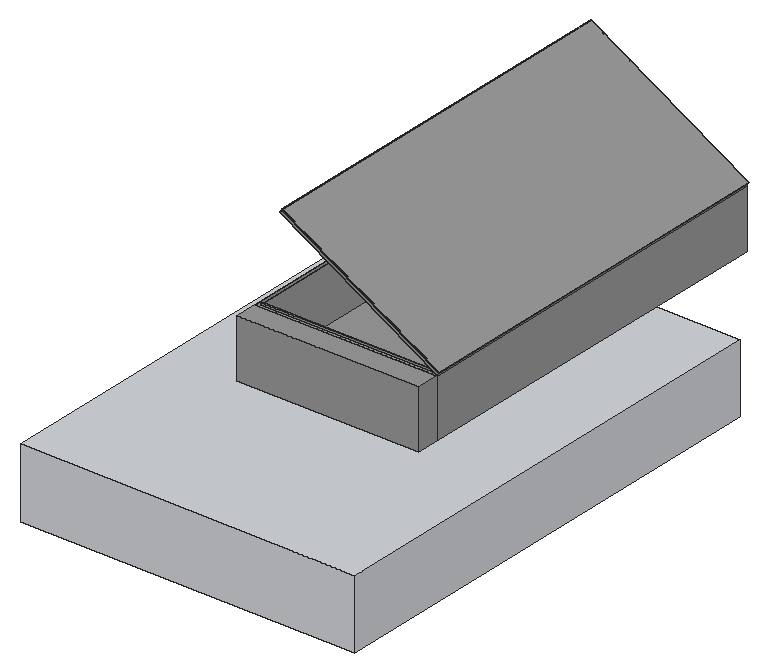
Revit family "Hager-Univers-IP55-D275-H1800-Cl.II-Steel_encl-PL-en", category Equipement électrique, Revit 2020
Family settings
  Hôte = Face
  Configuration du panneau = Deux colonnes, circuits au sein
  Cote de connecteur circulaire = Utiliser le diamètre
  Type d'élément = Tableau de raccordement
  Couper avec des vides une fois chargée = Non
  Partagée = Non
  Point de calcul de pièce = Non
Parameters (values of type "Floor installation IP55 W800 H1800 D275  - FR13S1")
  Width Control [instance] = if([EF000008 - Width] > Min Width, [EF000008 - Width], Min Width)  # 800 mm
  Commentaires du type = [HG000003 - Range]  # "Univers"
  Thickness Door [instance] = if([EF009171 - Material plate thickness door/cover] > 3 mm, 3 mm, [EF009171 - Material plate thickness door/cover])  # 1.5 mm
  Seal Frame Offset [instance] = 17 mm  # constant formula
  Plinth Visibility [instance] = [HG000027 - Plinth height] > 0 mm  # yes
  Model = ""
  Min Width [instance] = 100 mm  # constant formula
  Min Height [instance] = 100 mm  # constant formula
  Min Depth [instance] = (2 * [EF009170 - Material plate thickness cabinet]) + 1 mm  # 4 mm
  Internal Frame Depth [instance] = (Door System Depth * 0.5)  # 9 mm
  Height Control [instance] = if([EF000040 - Height] > Min Height, [EF000040 - Height], Min Height)  # 1800 mm
  HG000027 - Plinth height = 100 mm
  HG000026 - Floor standing = yes
  HG000024 - Bottom section height = 800 mm
  HG000023 - Double section enclosure = no
  HG000016 - Door 3d visibility [instance] = yes
  HG000015 - Clearance visibility [instance] = no
  HG000014 - Door on the right [instance] = yes
  HG000013 - Door on the left [instance] = not([HG000014 - Door on the right])  # no
  HG000012 - Door swing angle [instance] = 30.00°
  HG000010 - Asymmetric doors = no
  HG000009 - Double swing door = no
  HG000006 - Flush mounted = no
  HG000004 - Manufacturer reference = "FR13S1"
  HG000003 - Range = "Univers"
  HG000002 - With door or cover = yes
  Frame Offset Bottom [instance] = 10 mm  # constant formula
  Frame Offset [instance] = 15 mm  # constant formula
  EF015940 - Cover with overpressure release = no
  EF011959 - Degree of protection (NEMA) = ""
  EF009554 - Number of openings for flange plates = 6
  EF009212 - Cover model = "EV000116 - Closed"
  EF009171 - Material plate thickness door/cover = 1.5 mm
  EF009170 - Material plate thickness cabinet = 1.5 mm
  Fabricant = "Hager"  # constant formula
  EF008873 - Nominal current (In) = 800 A
  EF007800 - Suitable for lightning protection = no
  EF006306 - With lock = no
  EF006244 - Transparent cover/door = no
  EF005474 - Degree of protection (IP) = "EV006420 - IP55"
  EF004464 - Type of door = "EV002646 - Single"
  EF004427 - Number of modules = 396
  EF004293 - Impact strength = "EV008784 - IK10"
  EF003532 - Suitable for outdoor use = no
  EF002950 - Width in number of modular spacings = 24
  EF001613 - Circuit integrity = "EV000494 - None"
  EF001596 - Material housing = "EV000179 - Steel"
  EF001131 - Internal depth = 275 mm
  EF001088 - Extension possible = yes
  EF000437 - Number of conduit inlets = 6
  EF000339 - Type of cover = "EV004216 - Door"
  EF000266 - Number of rows = 11
  EF000218 - Built-in depth = 0 mm
  EF000118 - With mounting plate = no
  EF000116 - RAL-number = "7035"
  EF000049 - Depth = 275 mm
  EF000040 - Height = 1800 mm
  EF000008 - Width = 800 mm
  EF000007 - Colour = "EV000270 - Grey"
  EF000003 - Mounting method = "EV012274 - Floor installation"
  Door System Leaf Tolerance [instance] = 1.5 mm  # constant formula
  Door System Depth [instance] = 18 mm  # constant formula
  Door Height [instance] = Height Control - [HG000027 - Plinth height]  # 1700 mm
  Depth Control [instance] = if([EF000049 - Depth] > Min Depth, [EF000049 - Depth], Min Depth)  # 275 mm
  Default Elevation = 0 mm
  Connector Offset [instance] = Height Control / 2  # 900 mm
  Bottom Top Plate Trim [instance] = 1.5 mm  # constant formula
  Plinth height Ctrl [instance] = if([HG000027 - Plinth height] > 0 mm, [HG000027 - Plinth height], 12 mm)  # 100 mm
Types (5, lengths in mm): name | Width Control | HG000010 - Asymmetric doors | HG000009 - Double swing door | HG000004 - Manufacturer reference | EF009554 - Number of openings for flange plates | EF004464 - Type of door | EF004427 - Number of modules | EF000437 - Number of conduit inlets | EF000008 - Width
  Floor installation IP55 W1050 H1800 D275  - FR14S1 | 1050 | yes | yes | "FR14S1" | 8 | "EV003602 - Double" | 528 | 8 | 1050
  Floor installation IP55 W1300 H1800 D275  - FR15S1 | 1300 | yes | yes | "FR15S1" | 10 | "EV003602 - Double" | 660 | 10 | 1300
  Floor installation IP55 W300 H1800 D275  - FR11S1 | 300 | no | no | "FR11S1" | 2 | "EV002646 - Single" | 132 | 2 | 300
  Floor installation IP55 W550 H1800 D275  - FR12S1 | 550 | no | no | "FR12S1" | 4 | "EV002646 - Single" | 264 | 4 | 550
  Floor installation IP55 W800 H1800 D275  - FR13S1 | 800 | no | no | "FR13S1" | 6 | "EV002646 - Single" | 396 | 6 | 800
Reference planes
  plane 1 "Center (Front/Back)": y = 0
  plane 2: z = 0
  plane 3 "Center (Left/Right)": x = 0
  plane 4: z = 275
  plane 5: y = 101.5
  plane 6: y = 950
  plane 7: y = 100
  plane 8: y = 1800
  plane 9: z = 0
  plane 10: x = -385
  plane 11: x = 385
  plane 12: x = 383.5
  plane 13: x = -383.5
  plane 14: y = 1798.5
  plane 15: x = -383
  plane 16: x = -400
  plane 17: x = 383
  plane 18: x = 400
  plane 19: x = 398.5
  plane 20: x = -398.5
  plane 21: y = 111.5
  plane 22: y = 1800
  plane 23: y = 1783.5
  plane 24: z = 257
  plane 25: z = 1.5
  plane 26: z = 255.5
  plane 27: z = 273.5
Forms (mm)
  Extrusion 1, solid
    sketch origin (0, 0, 0) x (1, 0, 0) y (0, 1, 0)
      loop
        line (-702.964, 1305) -> (-702.964, -811.445) -> (766.763, -811.445) -> (766.763, 1305) -> (-702.964, 1305)
    from 0 to -304.8
  Extrusion 2, solid, material "Hager_Steel_RAL7035_Light_Grey", visible <- "Plinth Visibility", detail levels medium+fine
    sketch origin (0, 0, 0) x (1, 0, 0) y (0, 1, 0)
      loop
        line (-400, 0) -> (400, 0) -> (400, 100) -> (-400, 100) -> (-400, 0)
    from 0 to 257
  Extrusion 3, solid, material "Hager_Steel_RAL7035_Light_Grey", detail levels medium+fine
    sketch origin (0, 0, 0) x (1, 0, 0) y (0, 1, 0)
      loop
        line (-400, 100) -> (400, 100) -> (400, 1800) -> (-400, 1800) -> (-400, 100)
    from 0 to 257
  Extrusion 4, void
    sketch origin (0, 0, 0) x (1, 0, 0) y (0, 1, 0)
      loop
        line (-398.5, 101.5) -> (398.5, 101.5) -> (398.5, 1798.5) -> (-398.5, 1798.5) -> (-398.5, 101.5)
    from 1.5 to 255.5
  Extrusion 5, void
    sketch origin (-381.607, -4572, 257) x (0, -1, 0) y (-1, 0, 0)
      loop
        line (-4683.5, 1.893) -> (-6355.5, 1.893) -> (-6355.5, -765.107) -> (-4683.5, -765.107) -> (-4683.5, 1.893)
    from 0 to 1.5 <- "EF009170 - Material plate thickness cabinet"
  Extrusion 6, solid, material "Hager_Steel_RAL7035_Light_Grey", detail levels fine
    sketch origin (0, 0, 257) x (1, 0, 0) y (0, 1, 0)
      loop
        line (-383.5, 1783.5) -> (-383.5, 111.5) -> (383.5, 111.5) -> (383.5, 1783.5) -> (-383.5, 1783.5)
      loop
        line (-385, 110) -> (385, 110) -> (385, 1785) -> (-385, 1785) -> (-385, 110)
    from 0 to 9 <- "Internal Frame Depth"
  Extrusion 7, solid, material "Hager_Steel_RAL7035_Light_Grey", detail levels coarse
    sketch origin (0, 0, 0) x (1, 0, 0) y (0, 1, 0)
      loop
        line (-400, 0) -> (400, 0) -> (400, 1800) -> (-400, 1800) -> (-400, 0)
    from 0 to 275
  Sweep 8, void
    path in 3D
      loop
        line (-400, 100, 0) -> (400, 100, 0) -> (400, 100, 257) -> (-400, 100, 257) -> (-400, 100, 0)
    profile origin (-400, 100, 128.5) x (-1, 0, 0) y (0, -1, 0)
      loop
        line (0, 0) -> (0, 1.5) -> (-1.5, 1.5)
        arc (-1.5, 1.5) -> (-1.061, 0.439) -> (0, 0) r 1.5
Cuts and joins
  Extrusion 4, Extrusion 5 cuts Extrusion 3
  Sweep 8 cuts Extrusion 2
Lines and regions (mm)
  Masking region 1
    outline origin (0, 0, 0) x (1, 0, 0) y (0, 0, 1)
      loop
        line (-400, 275) -> (-400, 0) -> (400, 0) -> (400, 275) -> (-400, 275)
  Masking region 2, detail levels medium+fine
    outline origin (0, 140, 0) x (0, 1, 0) y (0, 0, 1)
      loop
        line (-40, 0) -> (1660, 0) -> (1660, 257) -> (-40, 257) -> (-40, 0)
  Masking region 3, not visible, detail levels medium+fine
    outline origin (0, 297.922, 0) x (0, 1, 0) y (0, 0, 1)
      loop
        line (663.578, 0) -> (703.578, 0) -> (703.578, 263.5)
        arc (703.578, 263.5) -> (700.649, 270.571) -> (693.578, 273.5) r 10
        line (693.578, 273.5) -> (663.578, 273.5) -> (663.578, 0)
  Masking region 4, detail levels coarse
    outline origin (0, 0, 180) x (0, 1, 0) y (0, 0, 1)
      loop
        line (0, -180) -> (1800, -180) -> (1800, 95) -> (0, 95) -> (0, -180)
  Masking region 5, visible <- "Plinth Visibility", detail levels medium+fine
    outline origin (0, 52.24, 12.345) x (0, 0, -1) y (0, 1, 0)
      loop
        line (10.845, 47.76) -> (-243.155, 47.76)
        arc (-243.155, 47.76) -> (-243.594, 46.699) -> (-244.655, 46.26) r 1.5
        line (-244.655, 46.26) -> (-244.655, -52.24) -> (12.345, -52.24) -> (12.345, 46.26)
        arc (12.345, 46.26) -> (11.285, 46.699) -> (10.845, 47.76) r 1.5
  Masking region 6, detail levels medium+fine
    outline origin (-381.607, -4572, 257) x (-1, 0, 0) y (0, -1, 0)
      loop
        line (18.393, -6372) -> (18.393, -4672) -> (-781.607, -4672) -> (-781.607, -6372) -> (18.393, -6372)
  Masking region 7, visible <- "Plinth Visibility", detail levels medium+fine
    outline origin (-381.607, -4727, 257) x (-1, 0, 0) y (0, -1, 0)
      loop
        arc (16.893, -4827) -> (17.332, -4825.939) -> (18.393, -4825.5) r 1.5
        line (18.393, -4825.5) -> (18.393, -4727) -> (-781.607, -4727) -> (-781.607, -4825.5)
        arc (-781.607, -4825.5) -> (-780.546, -4825.939) -> (-780.107, -4827) r 1.5
        line (-780.107, -4827) -> (16.893, -4827)
  Masking region 8, detail levels coarse
    outline origin (-442.548, -4669.526, 257) x (-1, 0, 0) y (0, -1, 0)
      loop
        line (-42.548, -6469.526) -> (-42.548, -4669.526) -> (-842.548, -4669.526) -> (-842.548, -6469.526) -> (-42.548, -6469.526)
  sketch lines
    curve 1: line (-400, 100, 257) -> (-400, 100, 0)
    curve 2: line (400, 100, 257) -> (-400, 100, 257)
    curve 3: line (400, 100, 257) -> (400, 100, 0)
    curve 4: line (-400, 100, 0) -> (400, 100, 0)
Dimensions and locks
  "Depth Control": plane 4 to Extrusion 1
  "HG000027 - Plinth height": plane 1 "Center (Front/Back)" to plane 7
  "EF009170 - Material plate thickness cabinet": plane 5 to plane 7
  locked: connector elem to plane 3 "Center (Left/Right)"
  equal spacing: plane 8, plane 6, plane 7
  locked: connector elem to plane 6
  "EF009170 - Material plate thickness cabinet": plane 8 to plane 14
  "EF009170 - Material plate thickness cabinet": plane 10 to plane 13
  "EF009170 - Material plate thickness cabinet": plane 12 to plane 11
  "Frame Offset": plane 20 to plane 13
  "Frame Offset": plane 12 to plane 19
  "EF009170 - Material plate thickness cabinet": plane 16 to plane 20
  "EF009170 - Material plate thickness cabinet": plane 19 to plane 18
  "Seal Frame Offset": plane 16 to plane 15
  "Seal Frame Offset": plane 17 to plane 18
  "Frame Offset Bottom": plane 21 to plane 5
  "Frame Offset": plane 14 to plane 23
  equal spacing: plane 16, plane 3 "Center (Left/Right)", plane 18
  "Width Control": plane 16 to plane 18
  "EF009170 - Material plate thickness cabinet": plane 4 to plane 27
  "EF009170 - Material plate thickness cabinet": plane 24 to plane 26
  "EF009170 - Material plate thickness cabinet": plane 25 to level
  "Door System Depth": plane 4 to plane 24
  "Height Control": plane 1 "Center (Front/Back)" to Extrusion 7 sketch curve
  "Height Control": Masking region 4 sketch curve to plane 1 "Center (Front/Back)"
  "Height Control": plane 1 "Center (Front/Back)" to plane 22
  "Bottom Top Plate Trim": profile plane to Sweep 8 sketch curve
  "Bottom Top Plate Trim": Sweep 8 sketch curve to profile plane
  "Plinth height Ctrl": plane 1 "Center (Front/Back)" to Extrusion 2 sketch curve
  "Plinth height Ctrl": Masking region 5 sketch curve to plane 1 "Center (Front/Back)"
  "Plinth height Ctrl": plane 1 "Center (Front/Back)" to Masking region 7 sketch curve
  "Thickness Door": Extrusion 6 sketch curve to Extrusion 6 sketch curve  (x3)
  "Thickness Door": cut or joined group of Extrusion 3, Extrusion 4, Extrusion 5 to Extrusion 6 sketch curve
  radius of Masking region 3 sketch curve = 10 mm
  "Bottom Top Plate Trim": radius of Masking region 5 sketch curve  (x2)
  "Bottom Top Plate Trim": radius of Sweep 8 sketch curve
  "Bottom Top Plate Trim": radius of Masking region 7 sketch curve  (x2)
  aligned and locked: plane 2 to Extrusion 1
  aligned and locked: level to Extrusion 1
  aligned and locked: level to Masking region 1 sketch curve
  aligned and locked: Masking region 1 sketch curve to plane 18
  aligned and locked: Masking region 1 sketch curve to plane 16
  aligned and locked: plane 7 to Masking region 2 sketch curve
  aligned and locked: level to Masking region 3 sketch curve
  aligned and locked: Masking region 3 sketch curve to plane 27
  aligned and locked: level to Masking region 2 sketch curve
  aligned and locked: plane 1 "Center (Front/Back)" to Extrusion 2 sketch curve
  aligned and locked: Extrusion 3 sketch curve to plane 7
  aligned and locked: plane 16 to Extrusion 3 sketch curve
  aligned and locked: plane 18 to Extrusion 3 sketch curve
  aligned and locked: plane 20 to Extrusion 4 sketch curve
  aligned and locked: plane 19 to Extrusion 4 sketch curve
  aligned and locked: Extrusion 4 sketch curve to plane 5
  aligned and locked: Extrusion 4 to plane 25
  aligned and locked: plane 26 to Extrusion 4
  aligned and locked: plane 24 to Extrusion 3
  aligned and locked: Extrusion 5 sketch curve to plane 21
  aligned and locked: Extrusion 5 sketch curve to plane 13
  aligned and locked: Extrusion 5 sketch curve to plane 12
  aligned and locked: plane 18 to Extrusion 7 sketch curve
  aligned and locked: plane 1 "Center (Front/Back)" to Extrusion 7 sketch curve
  aligned and locked: plane 16 to Extrusion 7 sketch curve
  aligned and locked: plane 4 to Extrusion 7
  aligned and locked: Extrusion 7 to level
  aligned and locked: level to Masking region 4 sketch curve
  aligned and locked: Masking region 4 sketch curve to plane 1 "Center (Front/Back)"
  aligned and locked: Masking region 4 sketch curve to plane 4
  aligned and locked: nested 1 to level
  aligned and locked: nested 1 to plane 16
  aligned and locked: plane 8 to Extrusion 3 sketch curve
  aligned and locked: plane 23 to Extrusion 5 sketch curve
  aligned and locked: plane 14 to Extrusion 4 sketch curve
  aligned and locked: Masking region 2 sketch curve to plane 8
  aligned and locked: level to Masking region 5 sketch curve
  aligned and locked: plane 16 to Extrusion 2 sketch curve
  aligned and locked: plane 18 to Extrusion 2 sketch curve
  aligned and locked: Masking region 5 sketch curve to plane 24
  aligned and locked: Masking region 2 sketch curve to plane 24
  aligned and locked: plane 24 to Extrusion 2
  aligned and locked: profile plane to Sweep 8 sketch curve  (x2)
  aligned and locked: Masking region 6 sketch curve to plane 18
  aligned and locked: Masking region 6 sketch curve to plane 22
  aligned and locked: Masking region 6 sketch curve to plane 16
  aligned and locked: plane 8 to plane 22
  aligned and locked: Masking region 6 sketch curve to plane 7
  aligned and locked: Masking region 7 sketch curve to plane 16
  aligned and locked: Masking region 7 sketch curve to plane 1 "Center (Front/Back)"
  aligned and locked: Masking region 7 sketch curve to plane 18
  aligned and locked: Masking region 8 sketch curve to plane 1 "Center (Front/Back)"
  aligned and locked: Masking region 8 sketch curve to plane 18
  aligned and locked: Masking region 8 sketch curve to plane 22
  aligned and locked: Masking region 8 sketch curve to plane 16
  aligned and locked: nested 2 to plane 7
  aligned and locked: plane 3 "Center (Left/Right)" to nested 2
  aligned and locked: nested 2 to plane 24
  aligned and locked: Extrusion 6 sketch curve to cut or joined group of Extrusion 3, Extrusion 4, Extrusion 5  (x4)
Automatic sketch dimensions
  Extrusion 1 sketch curve to Extrusion 1 sketch curve = 1469.727 mm
  Extrusion 1 sketch curve to Extrusion 1 sketch curve = 2116.445 mm
  Masking region 1 sketch curve to plane 4 = 0 mm
  plane 6 to Masking region 3 sketch curve = 11.5 mm
  Masking region 3 sketch curve to Masking region 3 sketch curve = 30 mm
  Masking region 5 sketch curve to plane 1 "Center (Front/Back)" = 0 mm
Nested families
  nested 1: "Hager_Enclosure_Symbol" at (-400, 0, 0) x (1, 0, 0) z (0, -1, 0), Height <- "Depth Control", Width <- "Width Control", type "Hager_Enclosure_Symbol"
    with Width_Ctrl 800 mm, Width 800 mm, Height_Ctrl 275 mm, Height 275 mm, A_Width_Int 18.047 mm, A_Width 216.562 mm, A_Height_Ctrl 240.625 mm, A_Height 240.625 mm
  nested 2: "EC000058_Univers_Door" at (0, 100, 257) x (1, 0, 0) z (0, 1, 0), Leaf_Tolerance <- "Door System Leaf Tolerance", Angle <- "HG000012 - Door swing angle", Door_Depth <- "Door System Depth", Door_Left <- "HG000013 - Door on the left", Transparent <- "EF006244 - Transparent cover/door", Assymetrical <- "HG000010 - Asymmetric doors", Width <- "Width Control", Clearance <- "HG000015 - Clearance visibility", Double <- "HG000009 - Double swing door", 3d_Door <- "HG000016 - Door 3d visibility", Lock_Visibility <- "EF006306 - With lock", Width_Ctrl <- "Width Control", Door_Right <- "HG000014 - Door on the right", Door <- "HG000002 - With door or cover", Height <- "Door Height", Thickness <- "Thickness Door", type "EC000058_Univers_Door", detail levels medium+fine
    with min_wh 4 mm, Width_Ctrl 800 mm, Width 800 mm, Transparent no, Thickness 1.5 mm, Seal_Material Hager_Rubber, Lock_Visibility no, Lock_Material Hager_Plastic_RAL9005_Jet_Black, Leaf_Width 800 mm, Leaf_Tolerance_External_Sides 0 mm, Leaf_Tolerance 1.5 mm, Leaf_Offset 0 mm, Leaf_Height 1697 mm, Leaf_2_Width 800 mm, Leaf_2_Offset 400 mm, Leaf_1_Width 800 mm, Leaf_1_Offset 400 mm, Height_Ctrl 1700 mm, Height 1700 mm, Glass_Material Hager_Glass, Double_Clearance_Ctrl no, Double no, Door_Right_Ctrl yes, Door_Right yes, Door_Material Hager_Steel_RAL7035_Light_Grey, Door_Left_Ctrl no, Door_Left no, Door_Depth 18 mm, Door yes, Clearance_Material Hager_Clearance, Clearance_Depth 800 mm, Clearance_Ctrl no, Clearance no, Assymetrical no, Angle 30.00°, 3d_Door yes
Connectors
  electrical at (0, 950, 0)
    settings: on plane 9, index 1, voltage 0 V, apparent load 0 VA, apparent load phase1 0 VA, apparent load phase2 0 VA, apparent load phase3 0 VA, power factor 1, load classification "Other", number of poles 1, system type 30, power factor state 1, is connector primary yes, connector utility no, sub classification motor no, connector description ""
Definition of nested family "EC000058_Univers_Door"
  Parameters (values of type "EC000058_Univers_Door")
    min_wh [instance] = (2 * Thickness) + 1 mm  # 11 mm
    Width_Ctrl [instance] = 400 mm
    Width [instance] = 500 mm
    Transparent [instance] = yes
    Thickness [instance] = 5 mm
    Seal_Material [instance] = none
    Lock_Visibility [instance] = yes
    Lock_Material [instance] = none
    Leaf_Width [instance] = if((Width_Ctrl - 2 * Leaf_Tolerance_External_Sides) > 0 mm, (Width_Ctrl - 2 * Leaf_Tolerance_External_Sides), min_wh)  # 400 mm
    Leaf_Tolerance_External_Sides [instance] = 0 mm  # constant formula
    Leaf_Tolerance [instance] = 1.5 mm
    Leaf_Offset [instance] = 0 mm  # constant formula
    Leaf_Height [instance] = if((Height_Ctrl - 2 * Leaf_Tolerance) > 0 mm, (Height_Ctrl - 2 * Leaf_Tolerance), min_wh)  # 497 mm
    Leaf_2_Width [instance] = if(and(and(Double, Assymetrical), Door_Left), (Leaf_Width / 3) - (Leaf_Tolerance / 2), if(and(and(Double, Assymetrical), Door_Right), (Leaf_Width / 3) * 2 - (Leaf_Tolerance / 2), if(and(Double, not(Assymetrical)), (Leaf_Width / 2) - Leaf_Tolerance, Leaf_Width)))  # 400 mm
    Leaf_2_Offset [instance] = if(and(Double, Assymetrical), Leaf_2_Width / 2, if(and(Double, not(Assymetrical)), Leaf_Width / 4, Leaf_Width / 2))  # 200 mm
    Leaf_1_Width [instance] = if(and(and(Double, Assymetrical), Door_Right), (Leaf_Width / 3) - (Leaf_Tolerance / 2), if(and(and(Double, Assymetrical), Door_Left), (Width / 3) * 2 - (Leaf_Tolerance / 2), if(and(Double, not(Assymetrical)), (Leaf_Width / 2) - Leaf_Tolerance, Leaf_Width)))  # 400 mm
    Leaf_1_Offset [instance] = if(and(Double, Assymetrical), Leaf_1_Width / 2, if(and(Double, not(Assymetrical)), Leaf_Width / 4, Leaf_Width / 2))  # 200 mm
    Height_Ctrl [instance] = if(Height > min_wh, Height, min_wh)  # 500 mm
    Height [instance] = 500 mm
    Glass_Material [instance] = none
    Double_Clearance_Ctrl [instance] = and(Double, Clearance)  # no
    Double [instance] = no
    Door_Right_Ctrl [instance] = and(or(Door_Right, Double), Door)  # yes
    Door_Right [instance] = yes
    Door_Material [instance] = none
    Door_Left_Ctrl [instance] = and(or(Door_Left, Double), Door)  # no
    Door_Left [instance] = no
    Door_Depth [instance] = 30 mm
    Door [instance] = yes
    Default Elevation = 1219.2 mm
    Clearance_Material [instance] = none
    Clearance_Depth [instance] = if(Leaf_1_Width > Leaf_2_Width, Leaf_1_Width, Leaf_2_Width)  # 400 mm
    Clearance_Ctrl [instance] = and(not(Double), Clearance)  # yes
    Clearance [instance] = yes
    Assymetrical [instance] = yes
    Angle [instance] = 30.00°
    3d_Door [instance] = yes
  Reference planes
    plane 1 "Center (Front/Back)": y = 0
    plane 2 "Bottom": z = 0
    plane 3 "Center (Left/Right)": x = 0
    plane 4: z = 500
    plane 5: x = -200
    plane 6: x = 200
    plane 7: z = 500
    plane 8: x = -200
    plane 9: z = 0
    plane 10: x = 200
    plane 11: y = 0
    plane 12: z = 1.5
    plane 13: x = -600
    plane 14: y = -400
    plane 15: x = 600
    plane 16: x = 0
    plane 17: x = 0
    plane 18: x = -200
    plane 19: x = 200
    plane 20: z = 498.5
  Forms (mm)
    Extrusion 1, solid, material <- "Clearance_Material", visible <- "Double_Clearance_Ctrl"
      sketch origin (1200, 0, 0) x (1, 0, 0) y (0, 0, -1)
        loop
          line (-1800, -498.5) -> (-600, -498.5) -> (-600, 0) -> (-1800, 0) -> (-1800, -498.5)
      from 0 to -400
  Dimensions and locks
    equal spacing: plane 5, plane 3 "Center (Left/Right)", plane 6
    "Width_Ctrl": plane 5 to plane 6
    "Leaf_Offset": plane 5 to plane 8
    "Leaf_Offset": plane 6 to plane 10
    "Leaf_Offset": plane 9 to level
    "Leaf_Offset": plane 4 to plane 7
    "Height_Ctrl": plane 4 to level
    "Leaf_Tolerance": plane 12 to plane 9
    locked: plane 11 to plane 1 "Center (Front/Back)"
    "Leaf_1_Offset": plane 18 to plane 16
    "Leaf_2_Offset": plane 17 to plane 19
    "Leaf_1_Width": plane 13 to plane 8
    "Leaf_2_Width": plane 10 to plane 15
    "Clearance_Depth": plane 14 to plane 1 "Center (Front/Back)"
    "Leaf_Tolerance_External_Sides": plane 8 to plane 18
    "Leaf_Tolerance_External_Sides": plane 19 to plane 10
    "Leaf_Tolerance": plane 7 to plane 20
    aligned and locked: level to plane 2 "Bottom"
    aligned and locked: nested 1 to plane 16
    aligned and locked: nested 2 to plane 17
    aligned and locked: Extrusion 1 to plane 13
    aligned and locked: plane 15 to Extrusion 1
    aligned and locked: Extrusion 1 to plane 14
    aligned and locked: plane 12 to nested 1
    aligned and locked: nested 2 to plane 12
    aligned and locked: Extrusion 1 to plane 11
    aligned and locked: plane 20 to Extrusion 1
    aligned and locked: nested 2 to plane 11
    aligned and locked: nested 1 to plane 11
  Automatic sketch dimensions
    Extrusion 1 sketch curve to level = 0 mm
    plane 5 to Extrusion 1 sketch curve = 400 mm
    plane 6 to Extrusion 1 sketch curve = 400 mm
    Extrusion 1 sketch curve to plane 4 = 1.5 mm
  Nested families
    nested 1: "EC000058_Univers_Door_Leaf" at (0, 0, 1.5), Width <- "Leaf_1_Width", visible <- "Door_Left_Ctrl", Leaf_Height <- "Leaf_Height", Angle <- "Angle", 3d_Door <- "3d_Door", Transparent <- "Transparent", Clearance Material <- "Clearance_Material", Clearance <- "Clearance_Ctrl", Door_Material <- "Door_Material", Glass_Material <- "Glass_Material", Door_Depth <- "Door_Depth", Lock_Material <- "Lock_Material", Seal_Material <- "Seal_Material", Lock_Visibility <- "Lock_Visibility", Thickness <- "Thickness", type "EC000058_Univers_Door_Leaf"
      with Width 400 mm, Transparent_Glass_Offset 30 mm, Transparent_Ctrl yes, Transparent yes, Thickness 5 mm, Standard no, Seal_Material none, Seal_D2 8 mm, Seal_D1 1 mm, Offset_Internal_Frame 10 mm, Lock_Width 20 mm, Lock_Visibility_3d yes, Lock_Visibility yes, Lock_Thickness_3 3 mm, Lock_Thickness_2 1 mm, Lock_Thickness_1 3 mm, Lock_Radius_Offset_2 16 mm, Lock_Radius_Offset_1 15 mm, Lock_Radius_2 5 mm, Lock_Radius 6 mm, Lock_Offset 5 mm, Lock_Material none, Lock_Height 80 mm, Lock_Cover_Top_Offset_2d 17 mm, Lock_Cover_Height -65 mm, Leaf_Height 497 mm, Internal_Seal_Thickness 8 mm, Internal_Seal_Depth_2 4.5 mm, Internal_Frame_Depth 25 mm, Glass_Thickness -1 mm, Glass_Offset -2 mm, Glass_Material none, Door_Material none, Door_Depth 30 mm, Clearance Material none, Clearance yes, Angle_Ctrl 30.00°, Angle 30.00°, 3d_Door yes
    nested 2: "EC000058_Univers_Door_Leaf" at (0, 0, 1.5) x (-1, 0, 0) z (0, 0, 1), Width <- "Leaf_2_Width", visible <- "Door_Right_Ctrl", Leaf_Height <- "Leaf_Height", Angle <- "Angle", 3d_Door <- "3d_Door", Transparent <- "Transparent", Clearance Material <- "Clearance_Material", Clearance <- "Clearance_Ctrl", Door_Material <- "Door_Material", Glass_Material <- "Glass_Material", Door_Depth <- "Door_Depth", Lock_Material <- "Lock_Material", Seal_Material <- "Seal_Material", Lock_Visibility <- "Lock_Visibility", Thickness <- "Thickness", type "EC000058_Univers_Door_Leaf"
      with Width 400 mm, Transparent_Glass_Offset 30 mm, Transparent_Ctrl yes, Transparent yes, Thickness 5 mm, Standard no, Seal_Material none, Seal_D2 8 mm, Seal_D1 1 mm, Offset_Internal_Frame 10 mm, Lock_Width 20 mm, Lock_Visibility_3d yes, Lock_Visibility yes, Lock_Thickness_3 3 mm, Lock_Thickness_2 1 mm, Lock_Thickness_1 3 mm, Lock_Radius_Offset_2 16 mm, Lock_Radius_Offset_1 15 mm, Lock_Radius_2 5 mm, Lock_Radius 6 mm, Lock_Offset 5 mm, Lock_Material none, Lock_Height 80 mm, Lock_Cover_Top_Offset_2d 17 mm, Lock_Cover_Height -65 mm, Leaf_Height 497 mm, Internal_Seal_Thickness 8 mm, Internal_Seal_Depth_2 4.5 mm, Internal_Frame_Depth 25 mm, Glass_Thickness -1 mm, Glass_Offset -2 mm, Glass_Material none, Door_Material none, Door_Depth 30 mm, Clearance Material none, Clearance yes, Angle_Ctrl 30.00°, Angle 30.00°, 3d_Door yes
  Definition of nested family "EC000058_Univers_Door_Leaf"
    Parameters (values of type "EC000058_Univers_Door_Leaf")
      Width [instance] = 2000 mm
      Transparent_Glass_Offset [instance] = 30 mm
      Transparent_Ctrl [instance] = and(Transparent, [3d_Door])  # yes
      Transparent [instance] = yes
      Thickness [instance] = 5 mm
      Standard [instance] = and(not(Transparent), [3d_Door])  # no
      Seal_Material [instance] = none
      Seal_D2 [instance] = 8 mm  # constant formula
      Seal_D1 [instance] = 1 mm  # constant formula
      Offset_Internal_Frame [instance] = 10 mm  # constant formula
      Lock_Width [instance] = 20 mm  # constant formula
      Lock_Visibility_3d [instance] = and(Lock_Visibility, [3d_Door])  # yes
      Lock_Visibility [instance] = yes
      Lock_Thickness_3 [instance] = 3 mm  # constant formula
      Lock_Thickness_2 [instance] = 1 mm  # constant formula
      Lock_Thickness_1 [instance] = 3 mm  # constant formula
      Lock_Radius_Offset_2 [instance] = Lock_Radius_Offset_1 + 1 mm  # 16 mm
      Lock_Radius_Offset_1 [instance] = 15 mm  # constant formula
      Lock_Radius_2 [instance] = Lock_Radius - 1 mm  # 5 mm
      Lock_Radius [instance] = 6 mm  # constant formula
      Lock_Offset [instance] = 5 mm  # constant formula
      Lock_Material [instance] = none
      Lock_Height [instance] = 80 mm  # constant formula
      Lock_Cover_Top_Offset_2d [instance] = Lock_Radius_Offset_2 + 1 mm  # 17 mm
      Lock_Cover_Height [instance] = -(Lock_Height - Lock_Radius_Offset_1)  # -65 mm
      Leaf_Height [instance] = 2720.336 mm
      Internal_Seal_Thickness [instance] = 8 mm  # constant formula
      Internal_Seal_Depth_2 [instance] = 4.5 mm  # constant formula
      Internal_Frame_Depth [instance] = if(Door_Depth - Thickness > 5 mm, Door_Depth - Thickness, 5 mm)  # 25 mm
      Glass_Thickness [instance] = if(Thickness > 15 mm, Glass_Offset + 10 mm, -1 mm)  # -1 mm
      Glass_Offset [instance] = if(Thickness > 15 mm, -(Thickness + 10 mm) / 2, -2 mm)  # -2 mm
      Glass_Material [instance] = none
      Door_Material [instance] = none
      Door_Depth [instance] = 30 mm
      Default Elevation = 0 mm
      Clearance Material [instance] = none
      Clearance [instance] = yes
      Angle_Ctrl [instance] = if(Angle > 180.00°, 180.00°, Angle)  # 90.00°
      Angle [instance] = 90.00°
      3d_Door [instance] = yes
    Reference planes
      plane 1 "Center (Front/Back)": y = 0
      plane 2: z = 0
      plane 3 "Center (Left/Right)": x = 0
      plane 4: y = 2000
      plane 5: x = -1000
      plane 6: x = 1000
      plane 7: x = -3000
      plane 8: z = 2720.336
      plane 9: z = 30
      plane 10: z = 2690.336
      plane 11: x = 970
      plane 12: x = -970
      plane 13: y = -3
      plane 14: z = 107.833
      plane 15: y = -5
      plane 16: y = -223.314
      plane 17: x = -1000
      plane 18: z = 1360.168
      plane 19: y = 30
    Forms (mm)
      Extrusion 1, solid, material <- "Clearance Material", visible <- "Clearance"
        sketch origin (0, 0, 0) x (1, 0, 0) y (0, 0, 1)
          loop
            line (-3000, 2720.336) -> (-3000, 0) -> (1000, 0) -> (1000, 2720.336) -> (-3000, 2720.336)
        from 0 to -2000
      Extrusion 2, solid, material <- "Door_Material", visible <- "Standard", detail levels medium+fine
        sketch origin (-1000, 0, 0) x (0, 1, 0) y (-1, 0, 0)
          loop
            line (0, 30) -> (0, 25) -> (2000, 25) -> (2000, 30) -> (0, 30)
        from 0 to 2720.336 <- "Leaf_Height"
      Extrusion 3, solid, material <- "Door_Material", visible <- "Transparent_Ctrl", detail levels medium+fine
        sketch origin (-1000, 0, 0) x (0, 1, 0) y (-1, 0, 0)
          loop
            line (0, 25) -> (2000, 25) -> (2000, 30) -> (0, 30) -> (0, 25)
        from 0 to 2720.336 <- "Leaf_Height"
      Extrusion 4, void
        sketch origin (-1025, 2000, 0) x (0, 1, 0) y (0, 0, -1)
          loop
            line (-30, -2690.336) -> (-30, -30) -> (-1970, -30) -> (-1970, -2690.336) -> (-30, -2690.336)
        from 0 to 5 <- "Thickness"
      Sweep 5, solid, material <- "Seal_Material", visible <- "Transparent_Ctrl", detail levels fine
        path in 3D
          loop
            line (-1025, 30, 30) -> (-1025, 30, 2690.336) -> (-1025, 1970, 2690.336) -> (-1025, 1970, 30) -> (-1025, 30, 30)
        profile origin (-1025, 1000, 30) x (1, 0, 0) y (0, 0, 1)
          loop
            line (0, 0) -> (0, -8) -> (1, -8) -> (1, 0) -> (0, 0)
      Extrusion 6, solid, material <- "Glass_Material", visible <- "Transparent_Ctrl", detail levels medium+fine
        sketch origin (-1030, 0, 0) x (0, 1, 0) y (0, 0, -1)
          loop
            line (1970, -2690.336) -> (1970, -30) -> (30, -30) -> (30, -2690.336) -> (1970, -2690.336)
        from -2 <- "Glass_Offset" to -1 <- "Glass_Thickness"
      Extrusion 7, solid, material <- "Door_Material", visible <- "3d_Door", detail levels medium+fine
        sketch origin (-1025, 2000, 0) x (0, -1, 0) y (0, 0, -1)
          loop
            line (0, -2720.336) -> (2000, -2720.336) -> (2000, 0) -> (0, 0) -> (0, -2720.336)
          loop
            line (1995, -5) -> (5, -5) -> (5, -2715.336) -> (1995, -2715.336) -> (1995, -5)
        from 0 to 25 <- "Internal_Frame_Depth"
      Sweep 8, solid, material <- "Seal_Material", visible <- "Transparent_Ctrl", detail levels fine
        path in 3D
          loop
            line (-1025, 0, 0) -> (-1025, 2000, 0) -> (-1025, 2000, 2720.336) -> (-1025, 0, 2720.336) -> (-1025, 0, 0)
        profile origin (-1025, 0, 1360.168) x (1, 0, 0) y (0, 1, 0)
          loop
            line (0, 10) -> (2.975, 10)
            arc (2.975, 10) -> (4.053, 10.447) -> (4.5, 11.525) r 1.525
            line (4.5, 11.525) -> (4.5, 16.527)
            arc (4.5, 16.527) -> (4.069, 17.569) -> (3.027, 18) r 1.473
            line (3.027, 18) -> (0, 18) -> (0, 10)
      Extrusion 9, solid, material <- "Lock_Material", visible <- "Lock_Visibility_3d", detail levels fine
        sketch origin (-1030, 0, 0) x (0, 1, 0) y (0, 0, -1)
          loop
            arc (1993.5, -1400.168) -> (1994.561, -1399.729) -> (1995, -1398.668) r 1.5
            line (1995, -1398.668) -> (1995, -1320.168) -> (1975, -1320.168) -> (1975, -1398.668)
            arc (1975, -1398.668) -> (1975.439, -1399.729) -> (1976.5, -1400.168) r 1.5
            line (1976.5, -1400.168) -> (1993.5, -1400.168)
        from 3 <- "Lock_Thickness_1" to 0
      Blend 10, solid, material <- "Lock_Material", visible <- "Lock_Visibility_3d", detail levels fine
        base sketch origin (-1033, 0, 0) x (0, 1, 0) y (0, 0, -1)
          loop
            line (1975, -1320.168) -> (1975, -1398.668)
            arc (1975, -1398.668) -> (1975.439, -1399.729) -> (1976.5, -1400.168) r 1.5
            line (1976.5, -1400.168) -> (1993.5, -1400.168)
            arc (1993.5, -1400.168) -> (1994.561, -1399.729) -> (1995, -1398.668) r 1.5
            line (1995, -1398.668) -> (1995, -1320.168) -> (1975, -1320.168)
        top sketch origin (-1033, 0, 0) x (0, 1, 0) y (0, 0, -1)
          loop
            line (1976, -1320.168) -> (1976, -1398.668)
            arc (1976, -1398.668) -> (1976.146, -1399.022) -> (1976.5, -1399.168) r 0.5
            line (1976.5, -1399.168) -> (1993.5, -1399.168)
            arc (1993.5, -1399.168) -> (1993.854, -1399.022) -> (1994, -1398.668) r 0.5
            line (1994, -1398.668) -> (1994, -1320.168) -> (1976, -1320.168)
        from 0 to 1 <- "Lock_Thickness_2"
      Blend 11, solid, material <- "Lock_Material", visible <- "Lock_Visibility_3d", detail levels fine
        base sketch origin (-1034, 0, 0) x (0, 1, 0) y (0, 0, -1)
          loop
            line (1978, -1320.168) -> (1978, -1384.168)
            arc (1978, -1384.168) -> (1985, -1391.168) -> (1992, -1384.168) r 7
            line (1992, -1384.168) -> (1992, -1320.168) -> (1978, -1320.168)
        top sketch origin (-1034, 0, 0) x (0, 1, 0) y (0, 0, -1)
          loop
            line (1991, -1320.168) -> (1979, -1320.168) -> (1979, -1383.168)
            arc (1979, -1383.168) -> (1985, -1389.168) -> (1991, -1383.168) r 6
            line (1991, -1383.168) -> (1991, -1320.168)
        from 0 to 3 <- "Lock_Thickness_3"
      Extrusion 12, solid, material <- "Lock_Material", visible <- "Lock_Visibility_3d", detail levels fine
        sketch origin (-1030, 1975, 1320.168) x (1, 0, 0) y (0, -1, 0)
          loop
            line (-7, -19) -> (-7, -1) -> (0, -1) -> (0, 0) -> (-8, 0) -> (-8, -20) -> (0, -20) -> (0, -19) -> (-7, -19)
        from 0 to -65 <- "Lock_Cover_Height"
      Extrusion 13, void
        sketch origin (-1038, 1995, 1320.168) x (-1, 0, 0) y (0, 0, -1)
          loop
            line (-5, -65) -> (0, -65) -> (-5, -60) -> (-5, -65)
        from 0 to 20 <- "Lock_Width"
      Extrusion 14, void
        sketch origin (-1038, 1975, 1320.168) x (0, -1, 0) y (0, 0, -1)
          loop
            circle (-10, -15.995) r 6
          loop
            circle (-10, -15.995) r 5
        from 0 to 2
      Extrusion 15, solid, material <- "Lock_Material", visible <- "Lock_Visibility_3d", detail levels medium
        sketch origin (-1030, 0, 0) x (0, 1, 0) y (0, 0, -1)
          loop
            arc (1993.5, -1400.168) -> (1994.561, -1399.729) -> (1995, -1398.668) r 1.5
            line (1995, -1398.668) -> (1995, -1320.168) -> (1975, -1320.168) -> (1975, -1398.668)
            arc (1975, -1398.668) -> (1975.439, -1399.729) -> (1976.5, -1400.168) r 1.5
            line (1976.5, -1400.168) -> (1993.5, -1400.168)
        from 8 to 0
    Cuts and joins
      Extrusion 4 cuts Extrusion 3
      Extrusion 13, Extrusion 14 cuts Extrusion 9
      Extrusion 14 cuts Blend 11
      Extrusion 13, Extrusion 14 cuts Extrusion 12
      joined: Extrusion 9, Blend 10, Blend 11, Extrusion 12
      Extrusion 14 cuts Extrusion 15
    Lines and regions (mm)
      Masking region 1, visible <- "Lock_Visibility", detail levels fine
        outline origin (0, 0, 0) x (0, 1, 0) y (0, 0, 1)
          loop
            line (30, 1320.168) -> (33, 1320.168) -> (33, 1400.168) -> (30, 1400.168) -> (30, 1320.168)
      Masking region 2, visible <- "Lock_Visibility", detail levels fine
        outline origin (0, 3.143, 0) x (0, 1, 0) y (0, 0, 1)
          loop
            line (29.857, 1354.168) -> (30.857, 1354.168) -> (30.857, 1366.168) -> (29.857, 1366.168) -> (29.857, 1354.168)
      Masking region 3, detail levels medium+fine
        outline origin (0, 0, 0) x (0, 1, 0) y (0, 0, 1)
          loop
            line (0, 0) -> (30, 0) -> (30, 2720.336) -> (0, 2720.336) -> (0, 0)
      Masking region 4, detail levels medium+fine
        outline origin (0, 0, 0) x (1, 0, 0) y (0, 0, 1)
          loop
            line (-1000, 2720.336) -> (-1000, 0) -> (1000, 0) -> (1000, 2720.336) -> (-1000, 2720.336)
      Masking region 5, visible <- "Lock_Visibility", detail levels fine
        outline origin (-47.116, 0, 0) x (1, 0, 0) y (0, 0, 1)
          loop
            arc (1024.616, 1399.168) -> (1023.556, 1398.729) -> (1023.116, 1397.668) r 1.5
            line (1023.116, 1397.668) -> (1023.116, 1320.168) -> (1041.116, 1320.168) -> (1041.116, 1397.668)
            arc (1041.116, 1397.668) -> (1040.677, 1398.729) -> (1039.616, 1399.168) r 1.5
            line (1039.616, 1399.168) -> (1024.616, 1399.168)
      Masking region 6, visible <- "Lock_Visibility", detail levels medium+fine
        outline origin (-25, 0, 0) x (1, 0, 0) y (0, 0, 1)
          loop
            arc (1001.5, 1400.168) -> (1000.439, 1399.729) -> (1000, 1398.668) r 1.5
            line (1000, 1398.668) -> (1000, 1320.168) -> (1020, 1320.168) -> (1020, 1398.668)
            arc (1020, 1398.668) -> (1019.561, 1399.729) -> (1018.5, 1400.168) r 1.5
            line (1018.5, 1400.168) -> (1001.5, 1400.168)
      Masking region 7, visible <- "Lock_Visibility", detail levels fine
        outline origin (-73.735, 0, 0) x (1, 0, 0) y (0, 0, 1)
          loop
            line (1051.735, 1382.168) -> (1065.735, 1382.168) -> (1065.735, 1384.168)
            arc (1065.735, 1384.168) -> (1058.735, 1391.168) -> (1051.735, 1384.168) r 7
            line (1051.735, 1384.168) -> (1051.735, 1382.168)
      Masking region 8, visible <- "Lock_Visibility", detail levels fine
        outline origin (-73.735, 0, 0) x (1, 0, 0) y (0, 0, 1)
          loop
            line (1052.735, 1382.168) -> (1064.735, 1382.168) -> (1064.735, 1383.168)
            arc (1064.735, 1383.168) -> (1058.735, 1389.168) -> (1052.735, 1383.168) r 6
            line (1052.735, 1383.168) -> (1052.735, 1382.168)
      Masking region 9, visible <- "Lock_Visibility", detail levels fine
        outline origin (-25, 0, 0) x (1, 0, 0) y (0, 0, 1)
          loop
            line (1020, 1320.168) -> (1020, 1382.168) -> (1000, 1382.168) -> (1000, 1320.168) -> (1020, 1320.168)
      Masking region 10, detail levels medium+fine
        outline origin (0, 0, 0) x (1, 0, 0) y (0, 0, 1)
          loop
            circle (985, 1335.144) r 6
      Masking region 11, detail levels fine
        outline origin (0, 0, 0) x (1, 0, 0) y (0, 0, 1)
          loop
            circle (985, 1335.144) r 5
      Masking region 12, visible <- "Lock_Visibility", detail levels fine
        outline origin (0, 12.767, 0) x (0, 1, 0) y (0, 0, 1)
          loop
            line (20.233, 1320.168) -> (21.233, 1320.168) -> (21.233, 1399.168) -> (20.233, 1400.168) -> (20.233, 1320.168)
      Masking region 13, visible <- "Lock_Visibility", detail levels fine
        outline origin (0, 13.767, -10) x (0, 1, 0) y (0, 0, 1)
          loop
            line (20.233, 1330.168) -> (23.233, 1330.168) -> (23.233, 1399.168) -> (20.233, 1402.168) -> (20.233, 1330.168)
      Masking region 14, visible <- "Lock_Visibility", detail levels fine
        outline origin (0, 12.767, -10) x (0, 1, 0) y (0, 0, 1)
          loop
            line (20.233, 1330.168) -> (25.233, 1330.168) -> (25.233, 1399.305) -> (20.233, 1394.305) -> (20.233, 1330.168)
      Masking region 15, visible <- "Lock_Visibility", detail levels medium
        outline origin (0, 0, 0) x (0, 1, 0) y (0, 0, 1)
          loop
            line (30, 1320.168) -> (38, 1320.168) -> (38, 1400.168) -> (30, 1400.168) -> (30, 1320.168)
      Masking region 16, visible <- "Lock_Visibility", detail levels fine
        outline origin (-1000, 0, 0) x (0, 1, 0) y (-1, 0, 0)
          loop
            line (1975, 30) -> (1995, 30) -> (1995, 38) -> (1975, 38) -> (1975, 30)
          loop
            line (1979, 37) -> (1976, 37) -> (1976, 34) -> (1978, 34) -> (1979, 37)
          loop
            line (1994, 37) -> (1991, 37) -> (1992, 34) -> (1994, 34) -> (1994, 37)
      Masking region 17, visible <- "Lock_Visibility", detail levels medium
        outline origin (-1000, 0, 0) x (0, 1, 0) y (-1, 0, 0)
          loop
            line (1975, 30) -> (1995, 30) -> (1995, 38) -> (1975, 38) -> (1975, 30)
      symbolic lines
        curve 1: line (1000, 0, 0) -> (-3000, 0, 0)
        curve 2: arc (1000, 0, 0) -> (-1000, 2000, 0) -> (-3000, 0, 0) r 2000
        curve 4: line (-1030, 0, 0) -> (-1030, 2000, 0)
      reference lines
        curve 3: line (-1000, 0, 0) -> (-1000, 2000, 0)
      symbolic lines, detail levels medium+fine
        curve 5: line (-1030, 2000, 0) -> (-1025, 2000, 0)
        curve 7: line (-1025, 0, 0) -> (-1030, 0, 0)
        curve 8: line (-1025, 0, 0) -> (-1000, 0, 0)
        curve 9: line (-1000, 0, 0) -> (-1000, 2000, 0)
        curve 10: line (-1000, 2000, 0) -> (-1025, 2000, 0)
      symbolic lines, detail levels fine
        curve 6: line (-1025, 2000, 0) -> (-1025, 0, 0)
      sketch lines
        curve 11: line (-1025, 0, 2720.336) -> (-1025, 0, 0)
        curve 12: line (-1025, 2000, 0) -> (-1025, 0, 0)
        curve 13: line (-1025, 2000, 2720.336) -> (-1025, 2000, 0)
        curve 14: line (-1025, 0, 2720.336) -> (-1025, 2000, 2720.336)
        curve 15: line (-1025, 1970, 30) -> (-1025, 30, 30)
        curve 16: line (-1025, 30, 30) -> (-1025, 30, 2690.336)
        curve 17: line (-1025, 1970, 2690.336) -> (-1025, 1970, 30)
        curve 18: line (-1025, 30, 2690.336) -> (-1025, 1970, 2690.336)
      symbolic lines, visible <- "Transparent", detail levels medium+fine
        curve 19: line (-970, 0, 2690.336) -> (970, 0, 2690.336)
        curve 20: line (-970, 0, 30) -> (-970, 0, 2690.336)
        curve 21: line (970, 0, 30) -> (-970, 0, 30)
        curve 22: line (970, 0, 2690.336) -> (970, 0, 30)
    Dimensions and locks
      "Width": plane 1 "Center (Front/Back)" to plane 4
      equal spacing: plane 5, plane 3 "Center (Left/Right)", plane 6
      "Width": plane 5 to plane 6
      "Width": plane 7 to plane 5
      "Leaf_Height": plane 8 to level
      "Width": curve 5 to curve 3
      "Width": curve 3 to curve 3
      plane 8 to plane 10 = 30 mm
      plane 9 to level = 30 mm
      plane 12 to plane 5 = 30 mm
      plane 6 to plane 11 = 30 mm
      Extrusion 1 to Extrusion 4 sketch curve = 30 mm
      "Transparent_Glass_Offset": curve 3 to Extrusion 4 sketch curve
      "Transparent_Glass_Offset": Extrusion 4 sketch curve to cut or joined group of Extrusion 3, Extrusion 4  (x2)
      cut or joined group of Extrusion 3, Extrusion 4 to Extrusion 6 sketch curve = 30 mm
      "Transparent_Glass_Offset": cut or joined group of Extrusion 3, Extrusion 4 to Extrusion 4 sketch curve
      "Thickness": curve 6 to curve 4
      "Thickness": Extrusion 7 sketch curve to Extrusion 7 sketch curve  (x4)
      "Door_Depth": curve 4 to curve 3
      "Offset_Internal_Frame": profile plane to Sweep 8 sketch curve
      "Internal_Seal_Thickness": Sweep 8 sketch curve to Sweep 8 sketch curve
      "Internal_Seal_Depth_2": profile plane to Sweep 8 sketch curve
      "Seal_D1": profile plane to Sweep 5 sketch curve
      "Seal_D2": profile plane to Sweep 5 sketch curve
      "Thickness": Extrusion 2 sketch curve to Extrusion 2 sketch curve
      equal spacing: Extrusion 9 sketch curve, plane 18, Extrusion 9 sketch curve  (x2)
      equal spacing: Masking region 1 sketch curve, plane 18, Masking region 1 sketch curve
      "Lock_Height": Masking region 1 sketch curve to Masking region 1 sketch curve
      "Lock_Radius": Masking region 2 sketch curve to plane 18 to Masking region 2 sketch curve
      Masking region 2 sketch curve to Masking region 1 = 1 mm
      "Door_Depth": plane 19 to plane 1 "Center (Front/Back)"
      "Lock_Thickness_1": Masking region 1 sketch curve to plane 19
      "Lock_Width": Extrusion 9 sketch curve to Extrusion 9 sketch curve
      "Lock_Height": Extrusion 9 sketch curve to Extrusion 9 sketch curve
      "Lock_Offset": cut or joined group of Extrusion 3, Extrusion 4 to Extrusion 9 sketch curve
      equal spacing: plane 8, plane 18, level
      "Lock_Radius_Offset_1": Blend 11 sketch curve to Blend 10
      locked: Blend 10 to Blend 11 sketch curve at 2  (x2)
      locked: var sketch to Blend 11 sketch curve at 1  (x2)
      "Lock_Radius_Offset_2": Blend 11 sketch curve to Blend 10
      locked: Extrusion 12 sketch curve to Extrusion 12 sketch curve at 1  (x3)
      Masking region 6 sketch curve to Masking region 6 sketch curve = 80 mm
      "Lock_Height": Masking region 6 sketch curve to Masking region 6 sketch curve
      "Lock_Width": Masking region 6 sketch curve to Masking region 6 sketch curve
      locked: Masking region 6 to Masking region 5 sketch curve at 1  (x3)
      locked: Masking region 5 to Masking region 7 sketch curve at 2  (x2)
      "Lock_Radius_Offset_1": Masking region 5 to Masking region 7 sketch curve
      "Lock_Radius_Offset_2": Masking region 5 to Masking region 8 sketch curve
      locked: Masking region 7 to Masking region 8 sketch curve at 1  (x2)
      "Lock_Cover_Top_Offset_2d": Masking region 5 to Masking region 9 sketch curve
      equal spacing: Masking region 9, Masking region 10 sketch curve, Masking region 9
      equal spacing: Masking region 9, Masking region 11 sketch curve, Masking region 9
      Extrusion 15 sketch curve to Extrusion 15 sketch curve = 80 mm
      "Lock_Width": Extrusion 15 sketch curve to Extrusion 15 sketch curve
      "Lock_Height": Extrusion 15 sketch curve to Extrusion 15 sketch curve
      equal spacing: Extrusion 15 sketch curve, plane 18, Extrusion 15 sketch curve
      "Lock_Thickness_3": Masking region 13 sketch curve to Masking region 13 sketch curve
      "Lock_Height": Masking region 12 sketch curve to Masking region 12 sketch curve
      locked: Masking region 13 sketch curve to Masking region 1 at 8
      locked: Masking region 14 sketch curve to Masking region 13 at 1
      locked: Masking region 14 sketch curve to Masking region 1 at 10.863
      "Lock_Height": Masking region 15 sketch curve to Masking region 15 sketch curve
      "Lock_Offset": Extrusion 15 sketch curve to cut or joined group of Extrusion 3, Extrusion 4
      "Lock_Offset": plane 6 to Masking region 6 sketch curve
      radius of Sweep 8 sketch curve = 1.525 mm
      radius of Sweep 8 sketch curve = 1.473 mm
      radius of Extrusion 9 sketch curve = 1.5 mm  (x2)
      "Lock_Radius": radius of Extrusion 14 sketch curve
      "Lock_Radius_2": radius of Extrusion 14 sketch curve
      "Lock_Radius": radius of Masking region 10 sketch curve
      "Lock_Radius_2": radius of Masking region 11 sketch curve
      radius of Extrusion 15 sketch curve = 1.5 mm  (x2)
      "Angle_Ctrl": angle plane 1 "Center (Front/Back)" to curve 3
      locked: Masking region 12 sketch curve to Masking region 12 sketch curve (angle 45.00°)
      locked: Masking region 13 sketch curve to Masking region 13 sketch curve (angle 45.00°)
      locked: Masking region 14 sketch curve to Masking region 14 sketch curve (angle 45.00°)
      aligned and locked: level to plane 2
      aligned and locked: Extrusion 1 to curve 1
      aligned and locked: plane 6 to Extrusion 1
      aligned and locked: Extrusion 1 to plane 1 "Center (Front/Back)"
      aligned and locked: plane 4 to Extrusion 1
      aligned and locked: plane 8 to Extrusion 1
      aligned and locked: curve 7 to Extrusion 2 sketch curve
      aligned and locked: curve 5 to Extrusion 2 sketch curve
      aligned and locked: curve 7 to Extrusion 3 sketch curve
      aligned and locked: Extrusion 3 sketch curve to curve 4
      aligned and locked: Extrusion 3 sketch curve to curve 6
      aligned and locked: Extrusion 3 sketch curve to curve 5
      aligned and locked: curve 9 to curve 3
      aligned and locked: Extrusion 7 sketch curve to cut or joined group of Extrusion 3, Extrusion 4  (x4)
      aligned and locked: plane 17 to curve 3
      aligned and locked: plane 1 "Center (Front/Back)" to curve 3
      aligned and locked: plane 17 to plane 5
      aligned and locked: Sweep 8 sketch curve to profile plane
      aligned and locked: Sweep 5 sketch curve to profile plane  (x2)
      aligned and locked: Masking region 1 to Masking region 2 sketch curve
      aligned and locked: plane 19 to Masking region 1 sketch curve
      aligned and locked: plane 1 "Center (Front/Back)" to Masking region 3 sketch curve
      aligned and locked: plane 19 to Masking region 3 sketch curve
      aligned and locked: level to Masking region 3 sketch curve
      aligned and locked: Masking region 3 sketch curve to plane 8
      aligned and locked: plane 17 to Masking region 4 sketch curve
      aligned and locked: level to Masking region 4 sketch curve
      aligned and locked: Masking region 4 sketch curve to plane 8
      aligned and locked: plane 12 to curve 20
      aligned and locked: plane 10 to curve 19
      aligned and locked: plane 11 to curve 22
      aligned and locked: curve 21 to plane 9
      aligned and locked: Extrusion 2 sketch curve to cut or joined group of Extrusion 3, Extrusion 4
      aligned and locked: Blend 10 sketch curve to Extrusion 9  (x4)
      aligned and locked: Extrusion 9 to Blend 10 sketch curve
      aligned and locked: Blend 10 to Blend 11 sketch curve
      aligned and locked: Extrusion 12 sketch curve to Blend 11
      aligned and locked: Extrusion 12 sketch curve to Extrusion 9  (x4)
      aligned and locked: Masking region 5 sketch curve to Masking region 6
      aligned and locked: Masking region 9 sketch curve to Masking region 6  (x3)
      aligned and locked: Masking region 12 sketch curve to Masking region 1
      aligned and locked: Masking region 13 sketch curve to Masking region 1
      aligned and locked: Masking region 12 to Masking region 14
      aligned and locked: Masking region 14 sketch curve to Masking region 1
      aligned and locked: Masking region 15 sketch curve to Masking region 14
      aligned and locked: Masking region 13 sketch curve to Masking region 12
      aligned and locked: Masking region 16 sketch curve to cut or joined group of Extrusion 14, Extrusion 15  (x4)
      aligned and locked: Masking region 16 sketch curve to cut or joined group of Extrusion 9, Blend 10, Blend 11, Extrusion 12, Extrusion 13, Extrusion 14  (x6)
      aligned and locked: cut or joined group of Extrusion 9, Blend 10, Blend 11, Extrusion 12, Extrusion 13, Extrusion 14 to Masking region 16 sketch curve
      aligned and locked: Masking region 17 sketch curve to cut or joined group of Extrusion 14, Extrusion 15  (x3)
      aligned and locked: Masking region 17 sketch curve to cut or joined group of Extrusion 9, Blend 10, Blend 11, Extrusion 12, Extrusion 13, Extrusion 14
      aligned and locked: Masking region 9 to Masking region 8 sketch curve
      aligned and locked: Masking region 9 to Masking region 7 sketch curve
    Automatic sketch dimensions
      plane 1 "Center (Front/Back)" to curve 2 = 0 mm
      curve 2 to plane 5 = 0 mm
      Extrusion 1 sketch curve to level = 0 mm
      Extrusion 1 sketch curve to plane 7 = 0 mm
      Extrusion 1 sketch curve to plane 6 = 0 mm
      Extrusion 1 sketch curve to plane 8 = 0 mm
      Extrusion 3 to Extrusion 6 sketch curve = 30 mm  (x4)
      Masking region 4 sketch curve to plane 6 = 0 mm
      Blend 10 sketch curve to Extrusion 9 = 1.5 mm
      Blend 10 sketch curve to Extrusion 9 = 1 mm
      Extrusion 13 sketch curve to Extrusion 12 = 0 mm  (x2)
      Extrusion 12 to Extrusion 13 sketch curve = 3 mm
      Extrusion 13 sketch curve to Extrusion 12 = 5 mm
      Extrusion 14 sketch curve to Extrusion 14 sketch curve = 0 mm  (x2)
      Extrusion 14 sketch curve to Extrusion 12 = 10 mm
      Extrusion 14 sketch curve to Extrusion 12 = 15.995 mm
      Masking region 5 sketch curve to Masking region 5 sketch curve = 1.5 mm  (x2)
      Masking region 10 sketch curve to plane 18 = 25.024 mm
      Masking region 11 sketch curve to plane 18 = 25.024 mm
      plane 19 to Masking region 14 sketch curve = 3 mm
      Masking region 16 sketch curve to Masking region 16 sketch curve = 3 mm
      curve 4 to curve 3 = 0 mm
      Blend 10 to Blend 11 sketch curve = 0 mm
      Masking region 6 sketch curve to Masking region 6 sketch curve = 1.5 mm  (x2)
      Masking region 6 sketch curve to plane 18 = 40 mm
      plane 19 to Masking region 12 sketch curve = 3 mm
      Masking region 12 sketch curve to Masking region 12 sketch curve = 1 mm
      Masking region 15 sketch curve to plane 19 = 0 mm
      Masking region 15 sketch curve to plane 18 = 40 mm
      radius of Blend 10 sketch curve to Extrusion 9 = 1 mm
Definition of nested family "Hager_Enclosure_Symbol"
  Parameters (values of type "Hager_Enclosure_Symbol")
    Width_Ctrl [instance] = if(Width > 1 mm, Width, 1 mm)  # 102.27 mm
    Width [instance] = 102.27 mm
    Height_Ctrl [instance] = if(Height > 1 mm, Height, 1 mm)  # 66.5 mm
    A_Width_Int [instance] = if(A_Width / 12 > 2 mm, A_Width / 12, 2 mm)  # 4.364 mm
    A_Width [instance] = if(A_Height_Ctrl * 0.9 > 2 mm, A_Height_Ctrl * 0.9, 2 mm)  # 52.369 mm
    A_Height_Ctrl [instance] = if(A_Height > 2 mm, A_Height, 2 mm)  # 58.188 mm
    Height [instance] = 66.5 mm
    A_Height [instance] = Height - (Height / 8)  # 58.188 mm
  Reference planes
    plane 1 "Centre (avant/arrière)": y = 0
    plane 2: z = 0
    plane 3 "Centre (gauche/droite)": x = 0
    plane 4: x = 52.369
    plane 5: y = 33.042
    plane 6: y = 41.77
    plane 7: y = 66.5
    plane 8: x = 26.184
    plane 9: y = 37.406
    plane 10: x = 102.27
    plane 11: y = 66.5
    plane 12: y = 8.313
  Lines and regions (mm)
    Filled region 1, type "Solid_Black", in view "Niveau de réf."
      outline origin (0, 0, 0) x (1, 0, 0) y (0, 1, 0)
        loop
          line (52.369, 66.5) -> (33.188, 54.536) -> (45.365, 45.006) -> (52.369, 66.5)
    Filled region 2, type "Solid_Black", in view "Niveau de réf."
      outline origin (0, 0, 0) x (1, 0, 0) y (0, 1, 0)
        loop
          line (0, 0) -> (102.27, 0) -> (102.27, 66.5) -> (0, 0)
    detail lines, in view "Niveau de réf."
      curve 1: line (0, 8.313, 0) -> (26.184, 41.77, 0)
      curve 2: line (26.184, 41.77, 0) -> (26.184, 33.042, 0)
      curve 3: line (26.184, 33.042, 0) -> (52.369, 66.5, 0)
  Dimensions and locks
    "A_Width": plane 3 "Centre (gauche/droite)" to plane 4
    equal spacing: plane 3 "Centre (gauche/droite)", plane 8, plane 4
    equal spacing: plane 6, plane 9, plane 5
    equal spacing: curve 3, Filled region 1 sketch curve, Filled region 1 sketch curve
    "Height_Ctrl": plane 1 "Centre (avant/arrière)" to plane 11
    "A_Height_Ctrl": plane 11 to plane 12
    equal spacing: plane 11, plane 9, plane 12
    "A_Width_Int": plane 6 to plane 9
    "Width_Ctrl": plane 3 "Centre (gauche/droite)" to plane 10
    angle Filled region 1 sketch curve to curve 3 = 20.00°
    angle curve 3 to Filled region 1 sketch curve = 20.00°
    locked: curve 3 to Filled region 1 sketch curve (angle 90.00°)
    aligned and locked: plane 10 to Filled region 2
    aligned and locked: plane 11 to Filled region 2 sketch curve
    aligned and locked: plane 10 to Filled region 2 sketch curve
    aligned and locked: plane 3 "Centre (gauche/droite)" to curve 1
    aligned and locked: plane 12 to curve 1
    aligned and locked: plane 7 to plane 11
  Automatic sketch dimensions
    Filled region 1 sketch curve to plane 4 = 0 mm
    Filled region 1 sketch curve to plane 7 = 0 mm
    plane 1 "Centre (avant/arrière)" to Filled region 2 sketch curve = 0 mm
    Filled region 2 sketch curve to plane 3 "Centre (gauche/droite)" = 0 mm
    curve 2 to plane 6 = 0 mm
    curve 2 to plane 8 = 0 mm
    curve 3 to plane 4 = 0 mm
    curve 2 to plane 5 = 0 mm
    curve 3 to plane 7 = 0 mm
